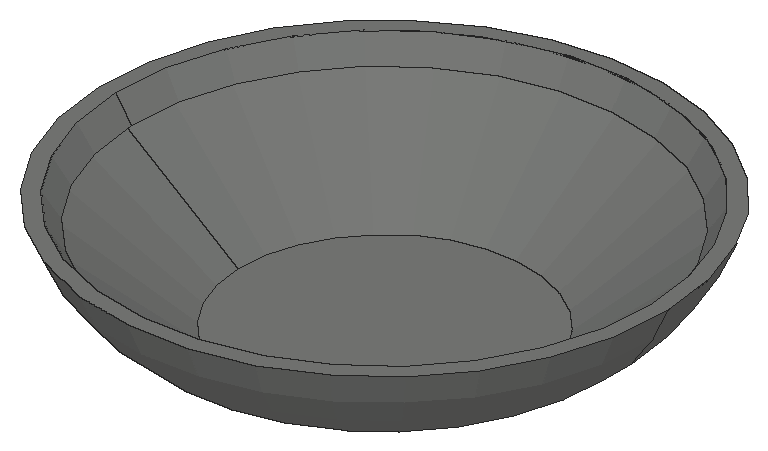
Revit family "Specialty_Equipment-Planter-Planters_Unlimited-Modern-Low_Bowl-bk1", category Specialty Equipment, Revit 2021
Family settings
  Round Connector Dimension = Use Diameter
  Part Type = Normal
  OmniClass Number = 23.40.05.21.17
  OmniClass Title = Planters
  Work Plane-Based = No
  Always vertical = Yes
  Cut with Voids When Loaded = No
  Shared = No
  Room Calculation Point = No
Parameters (values of type "72" Dia x 15"H")
  URL = "https://www.plantersunlimited.com"
  Type Comments = "Modern Fiberglass Low Bowl Planter"  # constant formula
  Model = "Modern Series Planters"  # constant formula
  Manufacturer = "Planters Unlimited"  # constant formula
  Description = "Modular Planting Bed"  # constant formula
  Default Elevation = 0' - 0"
  CD_Specification = "https://www.plantersunlimited.com/content/2024-07-10-fg-pu-guide-specifications.pdf"
  CD_Diameter Min = 1' - 6"  # constant formula
  CD_Diameter Max = 6' - 0"  # constant formula
  CD_Requested Diameter = 6' - 0"
  CD_Requested Height = 1' - 3"
  CD_Product Page URL = "https://www.plantersunlimited.com/modern-low-bowl-fiberglass-planter/"
  CD_Product Name [instance] = "Modern Planter"  # constant formula
  CD_Offset = 0' - 0"
  CD_Microsite = "https://www.caddetails.com/3404"
  CD_Diameter = if(CD_Requested Diameter < CD_Diameter Min, CD_Diameter Min, if(CD_Requested Diameter > CD_Diameter Max, CD_Diameter Max, CD_Requested Diameter))  # 6' - 0"
  CD_Height Min = 0' - 4"  # constant formula
  CD_Height Max = 1' - 3"  # constant formula
  CD_Height = if(CD_Requested Height < CD_Height Min, CD_Height Min, if(CD_Requested Height > CD_Height Max, CD_Height Max, CD_Requested Height))  # 1' - 3"
  CD_Finish = Plastic-Fiberglass-Carlsbad-Semi_Gloss-Charcoal
  CD_Created By = "CADdetails LTD. 2024"  # constant formula
  CD_Base Diameter = (CD_Diameter / 2) + 0' 3"  # 3' - 3"
  Assembly Code = "G2050600"
Types (10): name | CD_Requested Diameter | CD_Requested Height | CD_Diameter | CD_Height | CD_Base Diameter
  18" Dia x 4"H | 1' - 6" | 0' - 4" | 1' - 6" | 0' - 4" | 1' - 0"
  20" Dia x 8"H | 1' - 8" | 0' - 8" | 1' - 8" | 0' - 8" | 1' - 1"
  24" Dia x 6"H | 2' - 0" | 0' - 6" | 2' - 0" | 0' - 6" | 1' - 3"
  30" Dia x 8"H | 2' - 6" | 0' - 8" | 2' - 6" | 0' - 8" | 1' - 6"
  36" Dia x 9"H | 3' - 0" | 0' - 9" | 3' - 0" | 0' - 9" | 1' - 9"
  42" Dia x 10"H | 3' - 6" | 0' - 10" | 3' - 6" | 0' - 10" | 2' - 0"
  48" Dia x 11"H | 4' - 0" | 0' - 11" | 4' - 0" | 0' - 11" | 2' - 3"
  54" Dia x 12"H | 4' - 6" | 1' - 0" | 4' - 6" | 1' - 0" | 2' - 6"
  60" Dia x 13"H | 5' - 0" | 1' - 1" | 5' - 0" | 1' - 1" | 2' - 9"
  72" Dia x 15"H | 6' - 0" | 1' - 3" | 6' - 0" | 1' - 3" | 3' - 3"
Reference planes (in)
  plane 1 "Center (Front/Back)": y = 0
  plane 2: z = 0
  plane 3 "Center (Left/Right)": x = 0
  plane 4 "Left": x = 36
  plane 5 "Right": x = -36
  plane 6 "Front": y = 36
  plane 7 "Back": y = -36
  plane 8 "Top": z = 15
  plane 9 "Bottom of Bin": z = 0
  plane 10 "Bottom of Planter": z = 0
  plane 11 "Bottom of Bed": z = 0.5
  plane 12 "Base Front": y = 19.5
  plane 13 "Base Back": y = -19.5
Forms (in)
  Blend 1, solid, material "Plastic-Fiberglass-Carlsbad-Semi_Gloss-Charcoal" <- "CD_Finish", detail levels coarse
    base sketch origin (0, 0, 15) x (-1, 0, 0) y (0, -1, 0)
      loop
        circle (0, 0) r 19.5
    top sketch origin (0, 0, 15) x (-1, 0, 0) y (0, -1, 0)
      loop
        circle (0, 0) r 36
    from -14.5 to 0
  Extrusion 2, solid, material "Plastic-Fiberglass-Carlsbad-Semi_Gloss-Charcoal" <- "CD_Finish", detail levels medium+fine
    sketch origin (0, 0, 15) x (-1, 0, 0) y (0, -1, 0)
      loop
        circle (0, 0) r 19.5
    from -14.875 to -14.5
  Sweep 3, solid, material "Plastic-Fiberglass-Carlsbad-Semi_Gloss-Charcoal" <- "CD_Finish", detail levels medium+fine
    path origin (0, 0, 15) x (-1, 0, 0) y (0, -1, 0)
      loop
        circle (0, 0) r 19.5
    profile origin (0, 19.5, 15) x (0, -1, 0) y (0, 0, 1)
      loop
        arc (-16.5, 0) -> (-10.11648, -9.37392) -> (0, -14.5) r 22.74441
        line (0, -14.5) -> (0.96641, -14.5) -> (-13.53359, -3) -> (-12.53359, -3)
        arc (-12.53359, -3) -> (-13.57183, -1.53607) -> (-14.5, 0) r 24.47462
        line (-14.5, 0) -> (-16.5, 0)
  Extrusion 4, solid, material "Plastic-Fiberglass-Carlsbad-Semi_Gloss-Charcoal" <- "CD_Finish", detail levels medium+fine
    sketch origin (0, 0, 15) x (-1, 0, 0) y (0, -1, 0)
      loop
        line (1.55396, -18.5333) -> (1.55396, -15.5333) -> (-1.44604, -15.5333) -> (-1.44604, -18.5333) -> (1.55396, -18.5333)
      loop
        line (1.55396, 18.5333) -> (-1.44604, 18.5333) -> (-1.44604, 15.5333) -> (1.55396, 15.5333) -> (1.55396, 18.5333)
      loop
        line (18.53359, 1.5) -> (15.53359, 1.5) -> (15.53359, -1.5) -> (18.53359, -1.5) -> (18.53359, 1.5)
      loop
        line (-18.53301, 1.5) -> (-18.53301, -1.5) -> (-15.53301, -1.5) -> (-15.53301, 1.5) -> (-18.53301, 1.5)
    from -15 to -14.875
Dimensions and locks (in)
  "CD_Diameter": plane 6 "Front" to plane 7 "Back"
  equal spacing: plane 6 "Front", plane 1 "Center (Front/Back)", plane 7 "Back"
  equal spacing: plane 5 "Right", plane 3 "Center (Left/Right)", plane 4 "Left"
  "CD_Diameter": plane 5 "Right" to plane 4 "Left"
  locked: plane 9 "Bottom of Bin" to level
  "CD_Height": plane 8 "Top" to plane 10 "Bottom of Planter"
  locked: plane 11 "Bottom of Bed" to plane 10 "Bottom of Planter" at 0.5
  "CD_Offset": plane 10 "Bottom of Planter" to level
  locked: plane 12 "Base Front" to Blend 1 sketch curve
  locked: plane 12 "Base Front" to Extrusion 2 sketch curve
  equal spacing: plane 12 "Base Front", plane 1 "Center (Front/Back)", plane 13 "Base Back"
  "CD_Base Diameter": plane 12 "Base Front" to plane 13 "Base Back"
  locked: plane 8 "Top" to Sweep 3 sketch curve at 3
  plane 6 "Front" to Sweep 3 sketch curve to Sweep 3 sketch curve to Sweep 3 sketch curve = 0' - 0" locked, 0' - 2" locked, 0' - 1.96641" locked
  plane 12 "Base Front" to Sweep 3 sketch curve to Sweep 3 sketch curve = 0' - 0" locked, 0' - 0.96641" locked
  locked: plane 6 "Front" to Sweep 3 sketch curve at 2.96641
  locked: Extrusion 2 to plane 10 "Bottom of Planter" at 0.125
  Extrusion 4 sketch curve to plane 3 "Center (Left/Right)" to Extrusion 4 sketch curve = 0' - 1.55396" locked, 0' - 1.44604" locked  (x2)
  Extrusion 4 sketch curve to plane 1 "Center (Front/Back)" to Extrusion 4 sketch curve = 0' - 1 1/2" locked, 0' - 1 1/2" locked  (x2)
  plane 13 "Base Back" to Extrusion 4 sketch curve to Extrusion 4 sketch curve = 0' - 0.9667" locked, 0' - 3" locked
  plane 12 "Base Front" to Extrusion 4 sketch curve to Extrusion 4 sketch curve = 0' - 0.9667" locked, 0' - 3" locked
  Extrusion 4 sketch curve to Sweep 3 to Extrusion 4 sketch curve = 0' - 0" locked, 0' - 3" locked
  Extrusion 4 sketch curve to Extrusion 4 sketch curve to Sweep 3 = 0' - 3" locked, 0' - 0.00058" locked
  "CD_Diameter": diameter of Blend 1 sketch curve
  "CD_Base Diameter": diameter of Extrusion 2 sketch curve
  aligned and locked: plane 2 to level
  aligned and locked: plane 3 "Center (Left/Right)" to Blend 1 sketch curve  (x2)
  aligned and locked: plane 1 "Center (Front/Back)" to Blend 1 sketch curve
  aligned and locked: plane 11 "Bottom of Bed" to Blend 1
  aligned and locked: plane 8 "Top" to Blend 1
  aligned and locked: Extrusion 2 to plane 11 "Bottom of Bed"
  aligned and locked: Sweep 3 sketch curve to Extrusion 2  (x2)
  aligned and locked: Sweep 3 sketch curve to plane 8 "Top"
  aligned and locked: Sweep 3 sketch curve to plane 11 "Bottom of Bed"
  aligned and locked: plane 3 "Center (Left/Right)" to Extrusion 2 sketch curve
  aligned and locked: Extrusion 4 to Extrusion 2
  aligned and locked: Extrusion 4 to plane 10 "Bottom of Planter"
Automatic sketch dimensions
  plane 1 "Center (Front/Back)" to Blend 1 sketch curve = 0' - 0"
  plane 8 "Top" to Sweep 3 sketch curve = 0' - 7.71088"
  Sweep 3 sketch curve to Sweep 3 sketch curve = 0' - 2"
